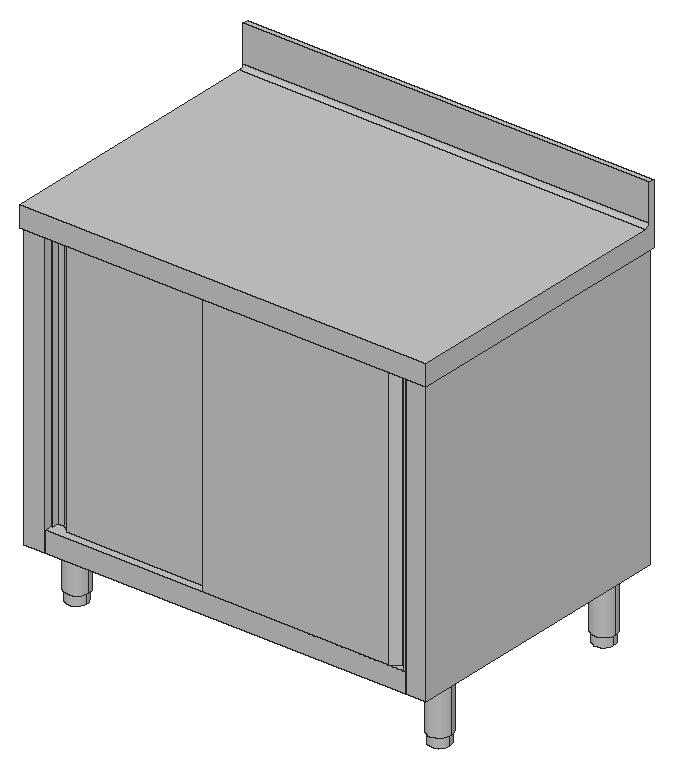
Revit family "QF_ELECTROLUXPROFESSIONAL_132776_MTN1010PN", category Attrezzature speciali, Revit 2020
Family settings
  Quota connettore circolare = Usa diametro
  Tipo di parte = Normale
  Basato su piano di lavoro = No
  Sempre verticale = Sì
  Taglio con vuoti quando caricato = No
  Condiviso = No
  Punto di calcolo locali = No
Parameters (values of type "Standard")
  Weight = 50.00 kg
  Watts = 0 W
  Volts = 0 V
  URL Manufacturer = "https://www.electroluxprofessional.com/"
  URL = "https://www.electroluxprofessional.com/"
  Steam Supply Size = 0 mm
  Steam Supply Minimum Pressure = 0.0 Pa
  Steam Supply Maximum Pressure = 0.0 Pa
  Steam Consumption per Hour = 0
  Refrigeration Suction Line Size = 0.0 mm
  Refrigeration Liquid Line Size = 0.0 mm
  Refrigerant Compressor Remote = yes
  Prospetto di default = 0.0 mm
  Produttore = "Electrolux Professional"
  Phase = 0
  Modello = "MTN1010PN"
  Length Actual = 1000.0 mm  # constant formula
  Item Number = "132776"
  Hot Water Size = 0 mm
  Height Actual = 1000.0 mm  # constant formula
  HP = "0 HP"
  Gas Size = 0 mm
  Gas KW = 0
  Gas Input Pressure = 0 W
  Direct Waste Size = 0 mm
  Descrizione = "WORKTOP CUPB+UPST+SHELF+SLIDING D.1000MM"
  Depth Actual = 700.0 mm  # constant formula
  Cycle = 0 Hz
  Condensate Return Size = 0 mm
  Compressed Air Volume = 0.0 L/s
  Compressed Air Size = 0 mm
  Compressed Air Pressure = 0.0 Pa
  Cold Water Size = 0 mm
  Accessory = yes
Reference planes
  plane 1 "Center (Front/Back)": y = 0
  plane 2: z = 0
  plane 3 "Center (Left/Right)": x = 0
  plane 4 "LEFT": x = -500
  plane 5 "RIGHT": x = 500
  plane 6 "BACK": y = 350
  plane 7 "FRONT": y = -350
  plane 8 "Base": z = 850
  plane 9 "TOP": z = 900
  plane 10: x = -446.9
  plane 11: x = 446.9
  plane 12: y = 264.5
  plane 13: y = -241.9
  plane 14 "BodyLeft": x = -494.5
  plane 15 "BodyFront": y = -344.5
  plane 16 "BodyRight": x = 494.5
  plane 17 "BodyBack": y = 344.5
  plane 18 "FEET": z = 150
  plane 19: x = 55.5
  plane 20: x = -55.5
Forms (mm)
  Extrusion 1, solid, material "QF_Finishes_Stainless Steel"
    sketch origin (0, 0, 0) x (0, 1, 0) y (0, 0, 1)
      loop
        line (-350, 850) -> (350, 850) -> (350, 1000) -> (337, 1000) -> (337, 910)
        arc (337, 910) -> (334.071, 902.929) -> (327, 900) r 10
        line (327, 900) -> (-350, 900) -> (-350, 850)
    from 500 to -500
  Extrusion 2, solid, material "QF_Finishes_Stainless Steel"
    sketch origin (0, 0, 150) x (-1, 0, 0) y (0, -1, 0)
      loop
        line (494.5, -344.5) -> (494.5, 344.5) -> (444.5, 344.5) -> (444.5, -344.5) -> (494.5, -344.5)
      loop
        line (-444.5, -344.5) -> (-444.5, 344.5) -> (-494.5, 344.5) -> (-494.5, -344.5) -> (-444.5, -344.5)
    from 0 to 700
  Extrusion 3, solid, material "QF_Finishes_Stainless Steel"
    sketch origin (0, 0, 150) x (-1, 0, 0) y (0, -1, 0)
      loop
        line (443.585, -344.5) -> (443.585, 344.5) -> (-444.5, 344.5) -> (-444.5, -344.5) -> (443.585, -344.5)
    from 0 to 50
  Extrusion 4, solid, material "QF_Finishes_Stainless Steel"
    sketch origin (0, 0, 150) x (-1, 0, 0) y (0, -1, 0)
      loop
        line (443.585, -344.5) -> (443.585, -294.5) -> (-444.5, -294.5) -> (-444.5, -344.5) -> (443.585, -344.5)
    from 50 to 700
  Extrusion 5, solid, material "QF_Finishes_Stainless Steel"
    sketch origin (0, 0, 150) x (-1, 0, 0) y (0, -1, 0)
      loop
        line (-444.5, 344.5) -> (-444.5, 324.5) -> (55.5, 324.5) -> (55.5, 344.5) -> (-404.5, 344.5) -> (-424.5, 329.5) -> (-439.5, 329.5) -> (-439.5, 344.5) -> (-444.5, 344.5)
    from 50 to 700
  Extrusion 6, solid, material "QF_Finishes_Stainless Steel"
    sketch origin (0, 20, 150) x (1, 0, 0) y (0, 1, 0)
      loop
        line (-444.5, -344.5) -> (-439.5, -344.5) -> (-439.5, -329.5) -> (-424.5, -329.5) -> (-404.5, -344.5) -> (55.5, -344.5) -> (55.5, -324.5) -> (-444.5, -324.5) -> (-444.5, -344.5)
    from 50 to 700
Lines and regions (mm)
  symbolic lines
    curve 1: line (500, 350, 900) -> (-500, 350, 900)
    curve 2: line (-500, 350, 900) -> (-500, -350, 900)
    curve 3: line (-500, -350, 900) -> (500, -350, 900)
    curve 4: line (500, -350, 900) -> (500, 350, 900)
    curve 5: line (-500, 337, 900) -> (500, 337, 900)
  symbolic lines, style "SpecialityEquipmentHiddenLines"
    curve 6: line (-494.5, -344.5, 150) -> (-494.5, 344.5, 150)
    curve 7: line (-494.5, 344.5, 150) -> (494.5, 344.5, 150)
    curve 8: line (494.5, 344.5, 150) -> (494.5, -344.5, 150)
    curve 9: line (494.5, -344.5, 150) -> (-494.5, -344.5, 150)
    curve 10: line (-444.5, -304.5, 150) -> (55.5, -304.5, 150)
    curve 11: line (55.5, -304.5, 150) -> (55.5, -324.5, 150)
    curve 12: line (444.5, -324.5, 150) -> (-444.5, -324.5, 150)
    curve 13: line (-444.5, -324.5, 150) -> (-444.5, -304.5, 150)
    curve 14: line (-55.5, -344.5, 150) -> (-55.5, -324.5, 150)
Dimensions and locks
  plane 4 "LEFT" to plane 5 "RIGHT" = 1000.0 mm
  equal spacing: plane 4 "LEFT", plane 3 "Center (Left/Right)", plane 5 "RIGHT"
  locked: plane 8 "Base" to level at 850
  locked: Extrusion 1 to level at 1000
  plane 9 "TOP" to level = 900.0 mm
  plane 6 "BACK" to plane 7 "FRONT" = 700.0 mm
  equal spacing: plane 6 "BACK", plane 1 "Center (Front/Back)", plane 7 "FRONT"
  locked: plane 4 "LEFT" to plane 14 "BodyLeft" at 5.5
  locked: plane 16 "BodyRight" to plane 5 "RIGHT" at 5.5
  locked: plane 15 "BodyFront" to plane 7 "FRONT" at 5.5
  locked: plane 6 "BACK" to plane 17 "BodyBack" at 5.5
  locked: plane 14 "BodyLeft" to plane 10 at 47.6
  locked: plane 11 to plane 16 "BodyRight" at 47.6
  locked: plane 13 to plane 15 "BodyFront" at 102.6
  locked: plane 17 "BodyBack" to plane 12 at 80
  plane 10 to plane 11 = 893.8 mm
  plane 12 to plane 13 = 506.4 mm
  locked: plane 18 "FEET" to level at 150
  locked: plane 14 "BodyLeft" to Extrusion 2 sketch curve at 50
  locked: Extrusion 2 sketch curve to Extrusion 2 sketch curve at 50
  Extrusion 3 to Extrusion 4 sketch curve = 50.0 mm
  Extrusion 2 to plane 19 = 500.0 mm
  plane 20 to Extrusion 2 = 500.0 mm
  aligned and locked: level to plane 2
  aligned and locked: plane 10 to nested 1
  aligned and locked: nested 1 to plane 13
  aligned and locked: plane 11 to nested 2
  aligned and locked: nested 2 to plane 13
  aligned and locked: plane 11 to nested 4
  aligned and locked: nested 4 to plane 12
  aligned and locked: plane 10 to nested 3
  aligned and locked: nested 3 to plane 12
  aligned and locked: Extrusion 1 to plane 4 "LEFT"
  aligned and locked: plane 5 "RIGHT" to Extrusion 1
  aligned and locked: curve 2 to plane 4 "LEFT"
  aligned and locked: plane 17 "BodyBack" to Extrusion 2 sketch curve
  aligned and locked: Extrusion 2 sketch curve to plane 15 "BodyFront"
  aligned and locked: Extrusion 2 sketch curve to plane 14 "BodyLeft"
  aligned and locked: plane 16 "BodyRight" to Extrusion 2 sketch curve
  aligned and locked: Extrusion 2 sketch curve to plane 17 "BodyBack"
  aligned and locked: plane 15 "BodyFront" to Extrusion 2 sketch curve
  aligned and locked: Extrusion 3 sketch curve to plane 17 "BodyBack"
  aligned and locked: plane 15 "BodyFront" to Extrusion 3 sketch curve
  aligned and locked: plane 8 "Base" to Extrusion 2
  aligned and locked: plane 8 "Base" to Extrusion 5
  aligned and locked: Extrusion 5 to Extrusion 3
  aligned and locked: Extrusion 6 sketch curve to plane 19
  aligned and locked: Extrusion 5 sketch curve to plane 20
  aligned and locked: curve 7 to plane 17 "BodyBack"
  aligned and locked: Extrusion 2 to plane 14 "BodyLeft"
  aligned and locked: plane 16 "BodyRight" to curve 8
  aligned and locked: plane 15 "BodyFront" to curve 9
Automatic sketch dimensions
  curve 3 to plane 7 "FRONT" = 0.0 mm
  curve 5 to plane 5 "RIGHT" = 0.0 mm
  curve 4 to plane 6 "BACK" = 0.0 mm
  curve 5 to plane 17 "BodyBack" = 7.5 mm
  Extrusion 1 sketch curve to plane 7 "FRONT" = 0.0 mm
  Extrusion 1 sketch curve to plane 9 "TOP" = 0.0 mm
  Extrusion 1 sketch curve to plane 6 "BACK" = 0.0 mm
  Extrusion 1 sketch curve to plane 8 "Base" = 0.0 mm
  Extrusion 1 sketch curve to plane 17 "BodyBack" = 17.5 mm
  Extrusion 1 sketch curve to plane 17 "BodyBack" = 7.5 mm
  Extrusion 1 sketch curve to Extrusion 1 sketch curve = 90.0 mm
  Extrusion 5 sketch curve to plane 15 "BodyFront" = 0.0 mm  (x2)
  Extrusion 5 sketch curve to plane 11 = 2.4 mm
  Extrusion 5 sketch curve to Extrusion 5 sketch curve = 5.0 mm
  Extrusion 5 sketch curve to Extrusion 5 sketch curve = 15.0 mm
  Extrusion 5 sketch curve to Extrusion 5 sketch curve = 20.0 mm
  plane 15 "BodyFront" to Extrusion 5 sketch curve = 15.0 mm
  plane 15 "BodyFront" to Extrusion 5 sketch curve = 20.0 mm
  Extrusion 6 sketch curve to plane 15 "BodyFront" = 20.0 mm  (x2)
  Extrusion 6 sketch curve to plane 10 = 2.4 mm
  Extrusion 6 sketch curve to Extrusion 6 sketch curve = 5.0 mm
  Extrusion 6 sketch curve to Extrusion 6 sketch curve = 15.0 mm
  Extrusion 6 sketch curve to Extrusion 6 sketch curve = 20.0 mm  (x2)
  Extrusion 6 sketch curve to plane 15 "BodyFront" = 35.0 mm
  Extrusion 3 sketch curve to plane 11 = 2.4 mm
  plane 10 to Extrusion 3 sketch curve = 3.315 mm
  Extrusion 4 sketch curve to plane 11 = 2.4 mm
  plane 10 to Extrusion 4 sketch curve = 3.315 mm
  curve 10 to plane 19 = 0.0 mm
  curve 14 to plane 20 = 0.0 mm
  curve 7 to plane 14 "BodyLeft" = 0.0 mm
  plane 10 to curve 13 = 2.4 mm
  curve 10 to curve 13 = 20.0 mm
  curve 12 to plane 11 = 2.4 mm
  plane 15 "BodyFront" to curve 14 = 20.0 mm
Nested families
  nested 1: "FEET_D58-150" at (-446.9, -241.9, 0), type "FEET_D58-150"
  nested 2: "FEET_D58-150" at (446.9, -241.9, 0), type "FEET_D58-150"
  nested 3: "FEET_D58-150" at (-446.9, 264.5, 0), type "FEET_D58-150"
  nested 4: "FEET_D58-150" at (446.9, 264.5, 0), type "FEET_D58-150"
Definition of nested family "FEET_D58-150"
  Parameters
    Default Elevation = 0.0 mm
    FEET = 150.0 mm
  Reference planes
    plane 1 "Center (Front/Back)": y = 0
    plane 2: z = 0
    plane 3 "Center (Left/Right)": x = 0
    plane 4: z = 150
  Forms (mm)
    Extrusion 1, solid
      sketch origin (0, 0, 0) x (1, 0, 0) y (0, 1, 0)
        loop
          circle (0, 0) r 25
      from 0 to 25
    Extrusion 2, solid
      sketch origin (0, 0, 0) x (1, 0, 0) y (0, 1, 0)
        loop
          circle (0.061, 0) r 29
      from 25 to 150 <- "FEET"
  Lines and regions (mm)
    symbolic lines
      curve 1: line (0, -1.503, 0) -> (0, 1.508, 0)
      curve 2: line (1.561, 0, 0) -> (-1.439, 0, 0)
  Dimensions and locks
    "FEET": plane 4 to plane 2
    aligned and locked: level to plane 2
  Automatic sketch dimensions
    plane 1 "Center (Front/Back)" to Extrusion 1 sketch curve = 0.0 mm
    Extrusion 1 sketch curve to plane 3 "Center (Left/Right)" = 0.0 mm
    plane 1 "Center (Front/Back)" to curve 2 = 0.0 mm
    curve 1 to plane 3 "Center (Left/Right)" = 0.0 mm
    curve 2 to plane 3 "Center (Left/Right)" = 1.439 mm
    plane 3 "Center (Left/Right)" to curve 2 = 1.561 mm
    plane 1 "Center (Front/Back)" to curve 1 = 1.503 mm
    curve 1 to plane 1 "Center (Front/Back)" = 1.508 mm
    plane 1 "Center (Front/Back)" to Extrusion 2 sketch curve = 0.0 mm
    plane 3 "Center (Left/Right)" to Extrusion 2 sketch curve = 0.061 mm
    radius of Extrusion 1 sketch curve = 25.0 mm
    radius of Extrusion 2 sketch curve = 29.0 mm
